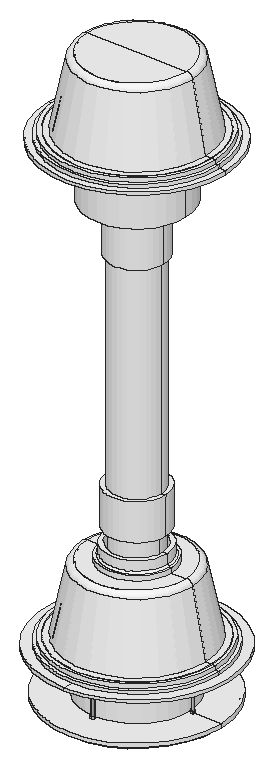
Revit family "R1200-JD-W31P24L-R1204-JD", category Plumbing Fixtures, host Face, Revit 2018
Family settings
  Host = Face
  Round Connector Dimension = Use Radius
  Part Type = Normal
  Cut with Voids When Loaded = No
  Shared = No
  Room Calculation Point = No
Parameters (values of type "R1202,3,4-JD-W31P24L-R1204-JD_4" Drain Pipe Size")
  WFU = 0
  URL = "WWW.MIFAB.COM"
  Pipe Radius = Pipe Diameter / 2  # 0' - 2"
  Pipe Diameter = 0' - 4"
  No Hub Standard Height = 0' - 6 1/2"
  Model = "R1202,3,4-JD-W31P24L-R1204-JD"
  Manufacturer = "MIFAB"
  Floor Drain Material = Paint - Sherwin Williams Paint - #952C2A - Bellwood Red
  Description = "LARGE GREEN ROOF DRAIN WITH PERFORATED PVC STANDPIPE, STAINLESS STEEL MESH COVERED CAST IRON DOME AND TOP CAST IRON DOME STRAINER WITH MESH"
  Default Elevation = 0' - 0"
  CWFU = 0
  Bottom Height = 0' - 3 1/2"
  Assembly Code = ""
Types (7): name | Pipe Radius | Pipe Diameter | No Hub Standard Height | Model
  (no name) | 0' - 2" | 0' - 4" | 0' - 6 1/2" | "R1202,3,4-JD-W31P24L-R1204-JD"
  R1205,6-JD-W31P24L-R1204-JD _6" Drain Pipe Size | 0' - 3" | 0' - 6" | 0' - 6 1/2" | "R1205,6-JD-W31P24L-R1204-JD"
  R1208-JD-W31P24L-R1204-JD_8" Drain Pipe Size | 0' - 4" | 0' - 8" | 0' - 6 1/2" | "R1208-JD-W31P24L-R1204-JD"
  R1205,6-JD-W31P24L-R1204-JD _5" Drain Pipe Size | 0' - 2 1/2" | 0' - 5" | 0' - 6 3/4" | "R1205,6-JD-W31P24L-R1204-JD"
  R1202,3,4-JD-W31P24L-R1204-JD_4" Drain Pipe Size | 0' - 2" | 0' - 4" | 0' - 6 1/2" | "R1202,3,4-JD-W31P24L-R1204-JD"
  R1202,3,4-JD-W31P24L-R1204-JD_3" Drain Pipe Size | 0' - 1 1/2" | 0' - 3" | 0' - 6 1/2" | "R1202,3,4-JD-W31P24L-R1204-JD"
  R1202,3,4-JD-W31P24L-R1204-JD_2" Drain Pipe Size | 0' - 1" | 0' - 2" | 0' - 6 1/2" | "R1202,3,4-JD-W31P24L-R1204-JD"
Reference planes (in)
  plane 1 "Center (Front/Back)": y = 0
  plane 2: z = 0
  plane 3 "Center (Left/Right)": x = 0
  plane 4: z = -7.25
  plane 5: z = -3
  plane 6: z = -5
  plane 7: y = -2
  plane 8: y = 2
  plane 9: x = -2.5
  plane 10: x = 2.5
  plane 11: z = 6.125
  plane 12: x = 7.5
  plane 13: x = -7.5
  plane 14: y = 7.5
  plane 15: y = -7.5
  plane 16: z = -5.14286
  plane 17: z = -0.25
  plane 18: z = -6.5
  plane 19: y = 3.75
  plane 20: y = -3.75
  plane 21: y = 4.8125
  plane 22: y = -4.8125
  plane 23: x = 6.23869
  plane 24: x = -6.5
  plane 25: z = -3.5
  plane 26: z = -4.26379
  plane 27: x = 6.5
  plane 28: z = 30.125
  plane 29: x = 4
  plane 30: x = -4
  plane 31: z = 37.1875
  plane 32: z = 43.375
Forms (in)
  Revolve 1, solid, material "Paint - Sherwin Williams Paint - #952C2A - Bellwood Red" <- "Floor Drain Material"
    sketch origin (0, 0.04396, -2.375) x (0, 1, 0) y (0, 0, 1)
      loop
        line (-4.16896, 2.375) -> (-7.54396, 2.375) -> (-7.54396, 2.125) -> (-4.85646, 2.125) -> (-4.85646, 1.375) -> (-4.29396, 1.375) -> (-4.29396, -2) -> (-2.04396, -2) -> (-2.04396, -4.125) -> (-1.79396, -4.125) -> (-1.79396, -1.75) -> (-3.66896, -1.75) -> (-3.66896, -0.625) -> (-4.16896, -0.625) -> (-4.16896, 2.375)
      axis (-0.04396, 2.375) -> (-0.04396, -4.125)
    angle from 0 to 360
  Revolve 2, solid, material "Paint - Sherwin Williams Paint - #952C2A - Bellwood Red" <- "Floor Drain Material"
    sketch origin (0, 0, 7.5) x (1, 0, 0) y (0, 0, 1)
      loop
        line (2.51054, -1.375) -> (2.51054, -1.70312) -> (4.05571, -1.70312)
        arc (4.05571, -1.70312) -> (4.16387, -1.74143) -> (4.22383, -1.83927) r 0.17188
        line (4.22383, -1.83927) -> (5.37391, -7.25) -> (6.13967, -7.25) -> (6.13967, -6.92209) -> (5.63967, -6.92209) -> (4.54478, -1.77104)
        arc (4.54478, -1.77104) -> (4.37037, -1.48643) -> (4.05571, -1.375) r 0.5
        line (4.05571, -1.375) -> (2.51054, -1.375)
      loop
        line (2.5, -0.07905) -> (2.16384, -0.07905) -> (2.16384, -1.51036) -> (2.5, -1.51036) -> (2.5, -1.36532) -> (2.84059, -1.36532) -> (2.84059, -0.96751) -> (2.63131, -0.96751)
        arc (2.63131, -0.96751) -> (2.53846, -0.92905) -> (2.5, -0.8362) r 0.13131
        line (2.5, -0.8362) -> (2.5, -0.07905)
      axis (0, -7.25) -> (0, -0.07905)
    angle from 0 to 360
  Revolve 3, solid, material "Paint - Sherwin Williams Paint - #952C2A - Bellwood Red" <- "Floor Drain Material"
    sketch origin (0, 0, 0) x (1, 0, 0) y (0, 0, 1)
      loop
        line (6.72286, 0) -> (6.72286, 0.25) -> (6.43654, 0.25) -> (6.43654, 0.57791) -> (6.13967, 0.57791) -> (6.13967, 0.25) -> (1.27391, 0.25) -> (1.27391, 0.40312) -> (0, 0.40312) -> (0, 0) -> (6.72286, 0)
      axis (0, 0) -> (0, 0.57791)
    angle from 0 to 360
  Revolve 4, solid, material "Paint - Sherwin Williams Paint - #952C2A - Bellwood Red" <- "Floor Drain Material"
    sketch origin (0, 0, 0) x (1, 0, 0) y (0, 0, 1)
      loop
        line (6.9375, -3.5) -> (4.35041, -3.5) -> (4.35041, -4.01379) -> (5.35041, -4.01379) -> (5.35041, -4.26379) -> (5.85041, -4.26379) -> (5.85041, -4.01379) -> (6.6875, -4.01379) -> (6.6875, -3.80633) -> (6.9375, -3.80633) -> (6.9375, -3.5)
      axis (0, -4.26379) -> (0, -3.5)
    angle from 0 to 360
  Revolve 5, solid, material "Paint - Sherwin Williams Paint - #952C2A - Bellwood Red" <- "Floor Drain Material"
    sketch origin (0, 0, 0) x (1, 0, 0) y (0, 0, 1)
      loop
        line (-1.89029, 6.82491) -> (-1.57196, 6.82491) -> (-1.57196, 9.24517) -> (-1.89029, 9.24517) -> (-1.89029, 9.99517) -> (-1.73404, 9.99517) -> (-1.73404, 30.125) -> (-2, 30.125) -> (-2, 11.67095) -> (-2.39029, 11.67095) -> (-2.39029, 8.67095) -> (-1.89029, 8.67095) -> (-1.89029, 6.82491)
      axis (0, 6.82491) -> (0, 30.125)
    angle from 0 to 360
  Revolve 6, solid, material "Paint - Sherwin Williams Paint - #952C2A - Bellwood Red" <- "Floor Drain Material"
    sketch origin (0, 0, 0) x (1, 0, 0) y (0, 0, 1)
      loop
        line (-2, 28.625) -> (-2, 31.875) -> (-2.23583, 31.875) -> (-2.23583, 28.625) -> (-2, 28.625)
      axis (0, 28.625) -> (0, 31.875)
    angle from 0 to 360
  Revolve 7, solid, material "Paint - Sherwin Williams Paint - #952C2A - Bellwood Red" <- "Floor Drain Material"
    sketch origin (0, 0, 0) x (1, 0, 0) y (0, 0, 1)
      loop
        line (3.875, 37.1875) -> (3.875, 33.96875) -> (3.375, 33.96875) -> (3.375, 32.90625) -> (1.74745, 32.90625) -> (1.74745, 30.5625) -> (1.99745, 30.5625) -> (1.99745, 32.65625) -> (4, 32.65625) -> (4, 36.1875) -> (4.5625, 36.1875) -> (4.5625, 36.9375) -> (7.25, 36.9375) -> (7.25, 37.1875) -> (3.875, 37.1875)
      axis (0, 30.5625) -> (0, 37.1875)
    angle from 0 to 360
  Revolve 8, solid, material "Paint - Sherwin Williams Paint - #952C2A - Bellwood Red" <- "Floor Drain Material"
    sketch origin (0, 0, 40.375) x (1, 0, 0) y (0, 0, 1)
      loop
        line (0, 3) -> (0, 2.67188) -> (4.05571, 2.67188)
        arc (4.05571, 2.67188) -> (4.16387, 2.63357) -> (4.22383, 2.53573) r 0.17188
        line (4.22383, 2.53573) -> (5.3872, -2.9375) -> (6.13967, -2.9375) -> (6.13967, -2.60959) -> (5.65295, -2.60959) -> (4.54478, 2.60396)
        arc (4.54478, 2.60396) -> (4.37037, 2.88857) -> (4.05571, 3) r 0.5
        line (4.05571, 3) -> (0, 3)
      axis (0, -2.9375) -> (0, 3)
    angle from 0 to 360
  Revolve 9, solid, material "Paint - Sherwin Williams Paint - #952C2A - Bellwood Red" <- "Floor Drain Material"
    sketch origin (0, 0, 37.1875) x (1, 0, 0) y (0, 0, 1)
      loop
        line (6.72286, 0) -> (6.72286, 0.25) -> (6.43654, 0.25) -> (6.43654, 0.57791) -> (6.13967, 0.57791) -> (6.13967, 0.25) -> (1.27391, 0.25) -> (1.27391, 0.40312) -> (0, 0.40312) -> (0, 0) -> (6.72286, 0)
      axis (0, 0) -> (0, 0.57791)
    angle from 0 to 360
Lines and regions (in)
  model lines, not visible
    curve 1: line (6.7156, 0, 9.07611) -> (12.5156, 0, 9.07611)
    curve 2: line (12.5156, 0, 9.07611) -> (12.5156, 0, 10.82611)
    curve 3: line (12.5156, 0, 10.82611) -> (6.7156, 0, 10.82611)
    curve 4: line (6.7156, 0, 10.82611) -> (6.7156, 0, 9.07611)
    curve 5: line (7.13163, 0, 10.86539) -> (7.13163, 0, 12.86539)
    curve 6: line (7.13163, 0, 12.86539) -> (15.53163, 0, 12.86539)
    curve 7: line (15.53163, 0, 12.86539) -> (15.53163, 0, 10.86539)
    curve 8: line (11.33163, 0, 12.86539) -> (11.33163, 0, 12.36539)
    curve 9: line (0, 28.52778, -10.8585) -> (0, 28.52778, -8.6085)
    curve 10: line (0, 28.52778, -8.6085) -> (0, 21.02778, -8.6085)
    curve 11: line (0, 21.02778, -8.6085) -> (0, 21.02778, -10.8585)
    curve 12: line (0, 24.77778, -8.6085) -> (0, 24.77778, -9.1085)
    curve 13: line (13.30546, 0, 10.44272) -> (13.30546, 0, 12.69272)
    curve 14: line (13.30546, 0, 12.69272) -> (26.80546, 0, 12.69272)
    curve 15: line (26.80546, 0, 12.69272) -> (26.80546, 0, 10.44272)
    curve 16: line (20.05546, 0, 12.69272) -> (20.05546, 0, 13.19272)
    curve 17: line (9.1978, 0, 16.37268) -> (9.1978, 0, 18.62268)
    curve 18: line (9.1978, 0, 18.62268) -> (22.1978, 0, 18.62268)
    curve 19: line (22.1978, 0, 18.62268) -> (22.1978, 0, 16.37268)
    curve 20: line (15.6978, 0, 18.62268) -> (15.6978, 0, 17.87268)
Dimensions and locks (in)
  locked: plane 5 to plane 4 at 4.25
  equal spacing: plane 8, plane 1 "Center (Front/Back)", plane 7
  "Pipe Diameter": plane 8 to plane 7
  "Pipe Radius": plane 1 "Center (Front/Back)" to plane 7
  plane 11 to level = 0' - 6 1/8"
  plane 13 to plane 3 "Center (Left/Right)" to plane 12 = 0' - 7 1/2" locked, 0' - 7 1/2" locked
  plane 13 to plane 12 = 1' - 3"  (x3)
  plane 15 to plane 1 "Center (Front/Back)" to plane 14 = 0' - 7 1/2" locked, 0' - 7 1/2" locked
  plane 15 to plane 14 = 1' - 3"
  locked: plane 2 to plane 17 at 0.25
  "No Hub Standard Height": plane 2 to plane 18
  equal spacing: plane 19, plane 1 "Center (Front/Back)", plane 20
  plane 19 to plane 20 = 0' - 7 1/2"
  locked: Revolve 1 sketch curve to plane 15 at 2.6875
  plane 21 to plane 22 = 0' - 9 5/8"
  locked: plane 6 to plane 18 at 1.5
  Revolve 1 sketch curve to plane 22 = 0' - 0 9/16"
  locked: plane 11 to plane 2 at 6.125
  locked: plane 25 to plane 26 at 0.76379
  "Bottom Height": plane 2 to plane 25
  equal spacing: plane 24, plane 3 "Center (Left/Right)", plane 27
  plane 24 to plane 27 = 1' - 1"
  locked: plane 28 to plane 11 at 24
  equal spacing: plane 30, plane 3 "Center (Left/Right)", plane 29
  locked: plane 30 to plane 29 at 8
  plane 31 to plane 28 = 0' - 7 1/16"
  locked: plane 32 to plane 31 at 6.1875
  aligned and locked: plane 2 to host face
  aligned and locked: level to host face
  aligned and locked: Revolve 1 sketch curve to plane 18
  aligned and locked: plane 17 to Revolve 1 sketch curve
  aligned and locked: plane 15 to Revolve 1 sketch curve
  aligned and locked: Revolve 2 sketch curve to plane 11
  aligned and locked: plane 25 to Revolve 4 sketch curve
  aligned and locked: plane 26 to Revolve 4 sketch curve
  aligned and locked: plane 1 "Center (Front/Back)" to nested 1
  aligned and locked: nested 1 to Revolve 1
  aligned and locked: nested 2 to Revolve 1
  aligned and locked: nested 3 to Revolve 1
  aligned and locked: nested 4 to Revolve 1
  aligned and locked: nested 2 to plane 1 "Center (Front/Back)"
  aligned and locked: plane 3 "Center (Left/Right)" to nested 4
  aligned and locked: plane 3 "Center (Left/Right)" to nested 3
  aligned and locked: Revolve 8 sketch curve to plane 32
  aligned and locked: plane 31 to Revolve 9 sketch curve
Automatic sketch dimensions
  curve 5 to curve 7 = 0' - 8.4"
  curve 5 to curve 8 = 0' - 4.2"
  curve 5 to curve 5 = 0' - 2"
  curve 7 to curve 6 = 0' - 2"
  curve 8 to curve 8 = 0' - 0 1/2"
  host sketch curve to host sketch curve = 8' - 0"  (x2)
  Revolve 1 sketch curve to plane 5 = 0' - 0"
  Revolve 1 sketch curve to level = 0' - 0"
  Revolve 1 sketch curve to plane 7 = 0' - 0"
  Revolve 1 sketch curve to plane 1 "Center (Front/Back)" = 0' - 0"
  Revolve 1 sketch curve to plane 4 = 0' - 0"
  Revolve 1 sketch curve to plane 20 = 0' - 0 3/8"
  plane 20 to Revolve 1 sketch curve = 0' - 0 1/8"
  Revolve 1 sketch curve to plane 7 = 0' - 0 1/4"
  Revolve 1 sketch curve to plane 26 = 0' - 0.11121"
  plane 26 to Revolve 1 sketch curve = 0' - 0.13879"
  Revolve 1 sketch curve to plane 17 = 0' - 0 3/4"
  Revolve 1 sketch curve to plane 5 = 0' - 0 1/4"
  Revolve 2 sketch curve to Revolve 2 sketch curve = 0' - 0"  (x2)
  Revolve 2 sketch curve to plane 3 "Center (Left/Right)" = 0' - 0"
  plane 10 to Revolve 2 sketch curve = 0' - 0"  (x2)
  Revolve 2 sketch curve to plane 11 = 0' - 0.13536"
  plane 10 to Revolve 2 sketch curve = 0' - 0.33616"
  Revolve 2 sketch curve to plane 10 = 0' - 0.01054"
  Revolve 2 sketch curve to plane 10 = 0' - 0.13131"
  Revolve 2 sketch curve to Revolve 2 sketch curve = 0' - 0.20928"
  plane 29 to Revolve 2 sketch curve = 0' - 0.05571"
  Revolve 2 sketch curve to Revolve 2 sketch curve = 0' - 0.16812"
  Revolve 2 sketch curve to plane 11 = 0' - 0.39604"
  Revolve 2 sketch curve to Revolve 2 sketch curve = 0' - 0.32095"
  level to Revolve 2 sketch curve = 0' - 0 1/4"
  Revolve 2 sketch curve to plane 23 = 0' - 0.86477"
  Revolve 2 sketch curve to Revolve 2 sketch curve = 0' - 0.26576"
  Revolve 2 sketch curve to plane 23 = 0' - 0.09902"
  Revolve 2 sketch curve to Revolve 2 sketch curve = 0' - 0.32791"
  Revolve 2 sketch curve to Revolve 2 sketch curve = 0' - 0.03573"
  plane 11 to Revolve 2 sketch curve = 0' - 0.00968"
  plane 11 to Revolve 2 sketch curve = 0' - 0.40749"
  Revolve 2 sketch curve to Revolve 2 sketch curve = 0' - 0.75716"
  level to Revolve 2 sketch curve = 0' - 2 1/8"
  Revolve 2 sketch curve to Revolve 2 sketch curve = 0' - 0 1/2"
  Revolve 3 sketch curve to plane 3 "Center (Left/Right)" = 0' - 0"  (x2)
  Revolve 3 sketch curve to level = 0' - 0"
  level to Revolve 3 sketch curve = 0' - 0.40312"
  plane 10 to Revolve 3 sketch curve = 0' - 1.22609"
  Revolve 3 sketch curve to plane 23 = 0' - 0.09902"
  Revolve 3 sketch curve to plane 27 = 0' - 0.06346"
  plane 27 to Revolve 3 sketch curve = 0' - 0.22286"
  level to Revolve 3 sketch curve = 0' - 0 1/4"
  Revolve 3 sketch curve to Revolve 3 sketch curve = 0' - 0.15312"
  Revolve 3 sketch curve to Revolve 3 sketch curve = 0' - 0.32791"
  plane 11 to Revolve 3 sketch curve = 0' - 2.65404"
  Revolve 3 sketch curve to Revolve 3 sketch curve = 0' - 1 3/4"
  Revolve 4 sketch curve to plane 3 "Center (Left/Right)" = 0' - 0"
  plane 29 to Revolve 4 sketch curve = 0' - 0.35041"
  plane 26 to Revolve 4 sketch curve = 0' - 0 1/4"  (x2)
  Revolve 4 sketch curve to plane 23 = 0' - 0.88828"
  Revolve 4 sketch curve to plane 23 = 0' - 0.38828"
  plane 27 to Revolve 4 sketch curve = 0' - 0 3/16"
  Revolve 4 sketch curve to Revolve 4 sketch curve = 0' - 0 1/4"
  Revolve 4 sketch curve to Revolve 4 sketch curve = 0' - 0.20746"
  plane 11 to Revolve 4 sketch curve = 0' - 11.79464"
  Revolve 4 sketch curve to Revolve 4 sketch curve = 0' - 2 1/4"
  Revolve 5 sketch curve to plane 28 = 0' - 0"
  Revolve 5 sketch curve to plane 3 "Center (Left/Right)" = 0' - 0"
  Revolve 5 sketch curve to plane 9 = 0' - 0.92804"
  Revolve 5 sketch curve to plane 9 = 0' - 0.76596"
  Revolve 5 sketch curve to Revolve 5 sketch curve = 0' - 0 5/32"
  Revolve 5 sketch curve to Revolve 5 sketch curve = 0' - 0"
  Revolve 5 sketch curve to Revolve 5 sketch curve = 0' - 0.26596"
  Revolve 5 sketch curve to plane 9 = 0' - 0.10971"
  plane 11 to Revolve 5 sketch curve = 0' - 5.54595"
  Revolve 5 sketch curve to Revolve 5 sketch curve = 0' - 1 173/256"
  Revolve 5 sketch curve to Revolve 5 sketch curve = 0' - 0 3/4"
  Revolve 5 sketch curve to Revolve 5 sketch curve = 0' - 0 147/256"
  plane 11 to Revolve 5 sketch curve = 0' - 0.69991"
  Revolve 5 sketch curve to plane 31 = 0' - 3.26655"
  Revolve 5 sketch curve to Revolve 5 sketch curve = 0' - 1"
  Revolve 6 sketch curve to plane 3 "Center (Left/Right)" = 0' - 0"
  Revolve 6 sketch curve to plane 9 = 0' - 0 1/2"
  Revolve 6 sketch curve to Revolve 6 sketch curve = 0' - 0.23583"
  Revolve 6 sketch curve to plane 28 = 0' - 1 1/2"
  plane 28 to Revolve 6 sketch curve = 0' - 1 3/4"
  Revolve 6 sketch curve to Revolve 6 sketch curve = 0' - 2.04595"
  Revolve 6 sketch curve to Revolve 6 sketch curve = 0' - 1"
  Revolve 7 sketch curve to plane 3 "Center (Left/Right)" = 0' - 0"
  Revolve 7 sketch curve to plane 31 = 0' - 0"
  plane 29 to Revolve 7 sketch curve = 0' - 0"
  plane 10 to Revolve 7 sketch curve = 0' - 0.75255"
  Revolve 7 sketch curve to Revolve 7 sketch curve = 0' - 0 1/4"  (x2)
  Revolve 7 sketch curve to plane 29 = 0' - 0 5/8"
  Revolve 7 sketch curve to plane 29 = 0' - 0 1/8"
  Revolve 7 sketch curve to plane 31 = 0' - 0 1/4"
  plane 29 to Revolve 7 sketch curve = 0' - 0 9/16"
  Revolve 7 sketch curve to plane 12 = 0' - 0 1/4"
  Revolve 7 sketch curve to Revolve 7 sketch curve = 0' - 0 3/4"
  Revolve 7 sketch curve to Revolve 7 sketch curve = 0' - 2 7/32"
  Revolve 7 sketch curve to Revolve 7 sketch curve = 0' - 1 1/16"
  plane 28 to Revolve 7 sketch curve = 0' - 0 7/16"
  Revolve 7 sketch curve to plane 31 = 0' - 2.26655"
  Revolve 7 sketch curve to Revolve 7 sketch curve = 0' - 1"
  Revolve 9 sketch curve to plane 3 "Center (Left/Right)" = 0' - 0"  (x2)
  plane 31 to Revolve 9 sketch curve = 0' - 0.40312"
  plane 10 to Revolve 9 sketch curve = 0' - 1.22609"
  Revolve 9 sketch curve to plane 23 = 0' - 0.09902"
  Revolve 9 sketch curve to plane 27 = 0' - 0.06346"
  plane 27 to Revolve 9 sketch curve = 0' - 0.22286"
  plane 31 to Revolve 9 sketch curve = 0' - 0 1/4"
  Revolve 9 sketch curve to Revolve 9 sketch curve = 0' - 0.15312"
  Revolve 9 sketch curve to Revolve 9 sketch curve = 0' - 0.32791"
  plane 32 to Revolve 9 sketch curve = 0' - 2.59154"
  Revolve 9 sketch curve to Revolve 9 sketch curve = 0' - 1 3/4"
  Revolve 8 sketch curve to Revolve 8 sketch curve = 0' - 0"  (x2)
  Revolve 8 sketch curve to plane 3 "Center (Left/Right)" = 0' - 0"  (x2)
  plane 29 to Revolve 8 sketch curve = 0' - 0.05571"
  Revolve 8 sketch curve to Revolve 8 sketch curve = 0' - 0.16812"
  Revolve 8 sketch curve to plane 32 = 0' - 0.39604"
  Revolve 8 sketch curve to Revolve 8 sketch curve = 0' - 0.32095"
  plane 31 to Revolve 8 sketch curve = 0' - 0 1/4"
  Revolve 8 sketch curve to plane 23 = 0' - 0.85149"
  Revolve 8 sketch curve to Revolve 8 sketch curve = 0' - 0.26576"
  Revolve 8 sketch curve to plane 23 = 0' - 0.09902"
  Revolve 8 sketch curve to Revolve 8 sketch curve = 0' - 0.32791"
  Revolve 8 sketch curve to Revolve 8 sketch curve = 0' - 0.03573"
  plane 31 to Revolve 8 sketch curve = 0' - 2 1/8"
  Revolve 8 sketch curve to Revolve 8 sketch curve = 0' - 0 1/2"
Nested families (in)
  nested 1: "Bolt1" at (-4.55567, 0, -4.01379), type "Bolt1"
    with Height 0' - 3.01379"
  nested 2: "Bolt1" at (4.58798, 0, -4.01379) x (0, 1, 0) z (0, 0, 1), type "Bolt1"
    with Height 0' - 3.01379"
  nested 3: "Bolt1" at (0, 4.57488, -4.01379) x (0, 1, 0) z (0, 0, 1), type "Bolt1"
    with Height 0' - 3.01379"
  nested 4: "Bolt1" at (0, -4.57063, -4.01379) x (0, 1, 0) z (0, 0, 1), type "Bolt1"
    with Height 0' - 3.01379"
Connectors (in)
  piping at (0, 0, -6.5), diameter 4, driven by "Pipe Radius", driven by "WFU"
    settings: on Revolve 1, index 2, connector inside diameter 2", connector length 0' - 0", flow factor 0, pipe flow 0 GPM, pressure drop 0.00 psi, fitting loss kfactor 0, connector angle 0.00°, fixture units 0, engagement length 0' - 0", angle of deflection 0.00°, flow configuration 3, flow direction 2, fitting loss method 0, system type 16, joint type 0, gender type 0, connector reference index -1, connector utility 0, adjustable connector no, is connector primary yes, connector description "Sanitary Out"
Definition of nested family "Bolt1"
  Parameters (values of type "Bolt1")
    Material = none
    Height [instance] = 1' - 1.38583"
    Default Elevation = 4' - 0"
  Reference planes (in)
    plane 1 "Center (Front/Back)": y = 0
    plane 2: z = 0
    plane 3 "Center (Left/Right)": x = 0
    plane 4: z = 13.38583
    plane 5: z = 0.51562
    plane 6: z = 0.67452
  Forms (in)
    Extrusion 1, solid
      sketch origin (0, 0, 0) x (1, 0, 0) y (0, 1, 0)
        loop
          line (-48, 48) -> (-48, -48) -> (48, -48) -> (48, 48) -> (-48, 48)
      from 0 to -12
    Revolve 2, solid, material <- "Material"
      sketch origin (0, 0, 0) x (1, 0, 0) y (0, 0, 1)
        loop
          line (0, 13.38583) -> (0, -0.33562) -> (0.11073, -0.33562) -> (0.11073, -0.09843) -> (0.20961, -0.09843) -> (0.20961, 0) -> (0.07382, 0) -> (0.07382, 12.93209) -> (0.11234, 12.93209)
          arc (0.11234, 12.93209) -> (0.14919, 12.94735) -> (0.16446, 12.9842) r 0.05211
          line (0.16446, 12.9842) -> (0.16446, 13.38583) -> (0, 13.38583)
        axis (0, -0.33562) -> (0, 13.38583)
      angle from 0 to 360
    Extrusion 3, solid, material <- "Material"
      sketch origin (0, 0, 0) x (1, 0, 0) y (0, 1, 0)
        loop
          line (0, 0.16446) -> (-0.14242, 0.08223) -> (-0.14242, -0.08223) -> (0, -0.16446) -> (0.14242, -0.08223) -> (0.14242, 0.08223) -> (0, 0.16446)
      from 0.51562 to 0.67452
  Dimensions and locks (in)
    "Height": plane 4 to plane 2
    aligned and locked: plane 2 to Extrusion 1
    aligned and locked: level to Extrusion 1
    aligned and locked: Revolve 2 sketch curve to plane 3 "Center (Left/Right)"
    aligned and locked: Extrusion 1 to Revolve 2 sketch curve
    aligned and locked: Extrusion 3 to plane 5
    aligned and locked: plane 6 to Extrusion 3
  Automatic sketch dimensions
    Extrusion 1 sketch curve to Extrusion 1 sketch curve = 8' - 0"  (x2)
    Revolve 2 sketch curve to plane 3 "Center (Left/Right)" = 0' - 0"
    Revolve 2 sketch curve to plane 4 = 0' - 0"
    plane 3 "Center (Left/Right)" to Revolve 2 sketch curve = 0' - 0.07382"
    Revolve 2 sketch curve to Revolve 2 sketch curve = 0' - 0.11073"
    Revolve 2 sketch curve to Revolve 2 sketch curve = 0' - 0.03852"
    plane 3 "Center (Left/Right)" to Revolve 2 sketch curve = 0' - 0.16446"
    Revolve 2 sketch curve to Revolve 2 sketch curve = 0' - 0.13579"
    Revolve 2 sketch curve to level = 0' - 0.09843"
    Revolve 2 sketch curve to Revolve 2 sketch curve = 0' - 0.23719"
    Revolve 2 sketch curve to plane 4 = 0' - 0.45374"
    Revolve 2 sketch curve to Revolve 2 sketch curve = 0' - 5.38878"
    Revolve 2 sketch curve to Revolve 2 sketch curve = 0' - 5.51181"
